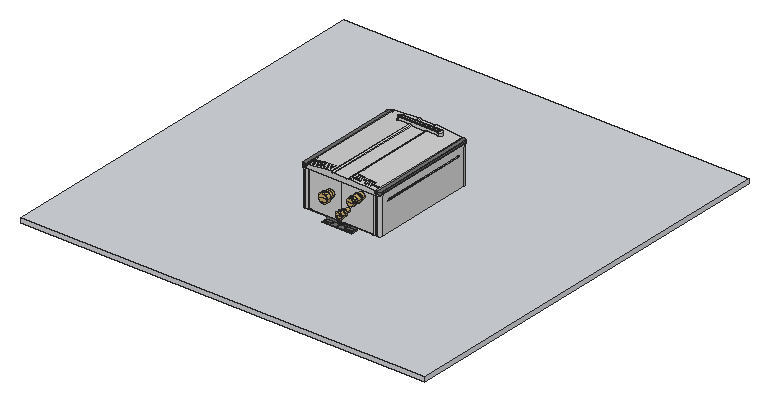
Revit family "Water_Heater-Rinnai-Ultra-Condensing-Tankless-RUS75e", category Mechanical Equipment, host Face, Revit 2012 (continued)
Definition of nested family "Pipes"
  Lines and regions (in)
    Masking region 5, detail levels coarse+medium
      outline origin (0, 0, 0) x (1, 0, 0) y (0, 1, 0)
        loop
          line (0.83051, 1.33858) -> (0.83051, -1.52012) -> (2.46606, -1.52012) -> (2.46606, 1.33858) -> (0.83051, 1.33858)
        loop
          line (3.81497, 1.33858) -> (3.81497, -1.9303) -> (5.5883, -1.9303) -> (5.5883, 1.33858) -> (3.81497, 1.33858)
    Masking region 6, detail levels coarse+medium
      outline origin (0, 0, 0) x (0, 1, 0) y (0, 0, 1)
        loop
          line (1.33858, 8.70923) -> (-1.9328, 8.70923) -> (-1.9328, 6.93495) -> (1.33858, 6.93495) -> (1.33858, 8.70923)
        loop
          line (1.33858, 6.87027) -> (-0.94512, 6.87027) -> (-0.94512, 4.59064) -> (1.33858, 4.59064) -> (1.33858, 6.87027)
        loop
          line (1.33858, 4.57335) -> (-1.52088, 4.57335) -> (-1.52088, 2.93724) -> (1.33858, 2.93724) -> (1.33858, 4.57335)
    symbolic lines, style "Water Heater", detail levels fine
      curve 1: line (-3.41642, 0.72441, 0) -> (-1.7228, 0.72441, 0)
      curve 2: line (-3.54097, 0.04753, 0) -> (-1.63369, 0.04753, 0)
      curve 3: line (1.237, 0, 0) -> (2.05957, 0, 0)
      curve 4: line (4.02453, 0.44515, 0) -> (5.37873, 0.44515, 0)
      curve 5: line (3.87007, -0.96244, 0) -> (5.53368, -0.96244, 0)
      curve 6: circle (4.70163, 0, 7.82256) r 0.8 normal (0, -1, 0)
      curve 7: circle (4.70163, 0, 7.82256) r 0.75 normal (0, -1, 0)
      curve 8: line (0, 0.72441, 4.88486) -> (0, 0.72441, 6.57826)
      curve 9: line (0, 0.04595, 6.6658) -> (0, 0.04595, 4.79698)
      curve 10: line (0, 0, 4.16483) -> (0, 0, 3.34503)
      curve 11: line (0, 0.4452, 8.49744) -> (0, 0.4452, 7.14325)
      curve 12: line (0, -0.96244, 8.65223) -> (0, -0.96244, 6.98845)
      curve 13: circle (-2.57004, 0, 5.73209) r 1 normal (0, -1, 0)
    symbolic lines, style "Water Heater"
      curve 14: line (0, -1.44122, 4.57262) -> (0, -1.44122, 2.93724)
  Dimensions and locks (in)
    aligned and locked: plane 2 to level
